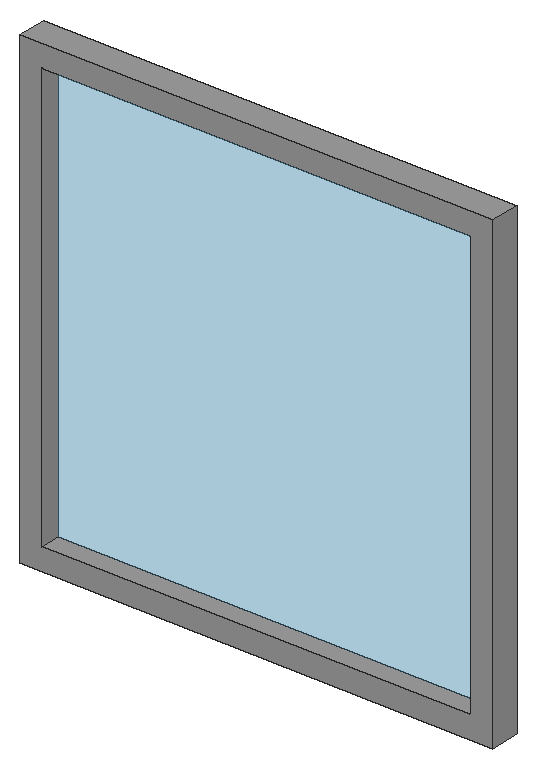
Revit family "ZS-30P OP001-WW_v02", category Curtain Panels, Revit 2015
Parameters
  Width [instance] = 4' - 0"
  URL = "obe.com"
  Type Comments = ""
  Model = "30P OP0001"
  Manufacturer = "Oldcastle BuildingEnvelope®"
  Keynote = "08 51 00"
  Height [instance] = 4' - 0"
  Glass Material = Glass
  Frame Material = Aluminum
  Offset [instance] = 0' - 6"
  Description = "ZERO SIGHTLINE 30P"
  Assembly Code = "B2020"
  Analytic Construction = "<None>"
Reference planes (in)
  plane 1 "Front": y = 0
  plane 2: z = 0
  plane 3 "Center (Left/Right)": x = 0
  plane 4 "Left": x = -24
  plane 5 "Right": x = 24
  plane 6 "Top": z = 48
Text (in)
  text "Exterior" at (-54.29358, 31.38743, 0), in view "Ref. Level"
  text "Exterior" at (480, 41.53993, 89.60405), in view "Right"
  text "Exterior" at (-240, 57.82419, 105.78864), in view "Left"
  text "Min Size\n\n14\" width x 14\" height\n\n\n\nMax Size\n\n72\" x 72\"\n\n\n\nMax Area\n\n24 square feet" at (69.75509, 31.38743, 0), in view "Ref. Level"
Dimensions and locks (in)
  equal spacing: plane 4 "Left", plane 3 "Center (Left/Right)", plane 5 "Right"
  "Width": plane 4 "Left" to plane 5 "Right"
  "Height": plane 6 "Top" to plane 2
  aligned and locked: level to plane 2
  aligned and locked: plane 3 "Center (Left/Right)" to nested 1
  aligned and locked: plane 1 "Front" to nested 1
Nested families (in)
  nested 1: "ZS-30P OP001-Panel" at (0, 6, 0), Height <- "Height", Width <- "Width", Offset <- "Offset", Frame Material <- "Frame Material", Glass Material <- "Glass Material", type "ZS-30P-OP001-Panel"
    with built-in parameter 1001301 4' - 0", Offset 0' - 6", built-in parameter 1001300 4' - 0", Glass Material Glass, Frame Material Aluminum
Definition of nested family "ZS-30P OP001-Panel"
  Parameters (values of type "ZS-30P-OP001-Panel")
    Width [instance] = 2' - 0"
    Offset [instance] = 0' - 0"
    Height [instance] = 4' - 0"
    Glass Material [instance] = none
    Frame Material [instance] = none
    Analytic Construction = "<None>"
  Reference planes (in)
    plane 1 "Offset": y = -6
    plane 2: z = 0
    plane 3 "Center (Left/Right)": x = 0
    plane 4: x = 12
    plane 5: x = -12
    plane 6 "Center (Front/Back)": y = -6
    plane 7: z = 48
    plane 8: z = 0.99753
    plane 9: z = 47.00247
    plane 10: x = 10.99768
    plane 11: x = -10.99768
  Forms (in)
    Extrusion 1, solid, material <- "Glass Material", detail levels coarse
      sketch origin (0, 0, 0) x (1, 0, 0) y (0, 1, 0)
        loop
          line (-10.99768, -6) -> (-10.99768, -7) -> (10.99768, -7) -> (10.99768, -6) -> (-10.99768, -6)
      from 0.99753 to 47.00247
    Extrusion 2, solid, material <- "Glass Material", detail levels medium+fine
      sketch origin (0, 0, 0) x (1, 0, 0) y (0, 1, 0)
        loop
          line (-10.99768, -7) -> (10.99768, -7) -> (10.99768, -6.7627) -> (-10.99768, -6.7627) -> (-10.99768, -7)
        loop
          line (10.99768, -6) -> (-10.99768, -6) -> (-10.99768, -6.25) -> (10.99768, -6.25) -> (10.99768, -6)
      from 0.99753 to 47.00247
    Sweep 3, solid, material <- "Frame Material"
      path origin (0, -6, 0) x (1, 0, 0) y (0, 0, 1)
        loop
          line (10.99768, 47.00247) -> (-10.99768, 47.00247) -> (-10.99768, 0.99753) -> (10.99768, 0.99753) -> (10.99768, 47.00247)
      profile origin (0, -6, 47.00247) x (0, 0, -1) y (0, -1, 0)
        loop
          line (0, 0) -> (0, 1) -> (1.25199, 1) -> (1.25199, 2.99976) -> (-0.99753, 2.99976) -> (-0.99753, 0) -> (0, 0)
  Lines and regions (in)
    model lines
      curve 1: line (0, -6, 46) -> (9.75049, -6, 2.24951)
      curve 2: line (0, -6, 46) -> (-9.74569, -6, 2.24951)
  Dimensions and locks (in)
    equal spacing: plane 5, plane 3 "Center (Left/Right)", plane 4
    "Height": plane 7 to plane 2
    "Width": plane 5 to plane 4
    locked: plane 5 to plane 11 at 1.00232
    locked: plane 10 to plane 4 at 1.00232
    locked: plane 7 to plane 9 at 0.99753
    locked: plane 2 to plane 8 at 0.99753
    Extrusion 2 sketch curve to Extrusion 2 sketch curve to Extrusion 2 sketch curve to Extrusion 2 sketch curve to plane 1 "Offset" = 0' - 0.2373" locked, 0' - 0.5127" locked, 0' - 0 1/4" locked, 0' - 0" locked
    Extrusion 1 sketch curve to Extrusion 1 sketch curve to plane 1 "Offset" = 0' - 1" locked, 0' - 0" locked
    equal spacing: plane 4, plane 3 "Center (Left/Right)", plane 5
    "Offset": plane 1 "Offset" to plane 6 "Center (Front/Back)"
    aligned and locked: plane 2 to level
    aligned and locked: nested 1 to plane 2
    aligned and locked: plane 3 "Center (Left/Right)" to nested 2
    aligned and locked: plane 1 "Offset" to nested 2
    aligned and locked: plane 10 to Extrusion 2  (x4)
    aligned and locked: plane 10 to Extrusion 1  (x2)
    aligned and locked: plane 11 to Extrusion 2  (x4)
    aligned and locked: plane 11 to Extrusion 1  (x2)
    aligned and locked: plane 8 to Extrusion 2
    aligned and locked: plane 8 to Extrusion 1
    aligned and locked: Extrusion 1 to plane 9
    aligned and locked: Extrusion 2 to plane 9
    aligned and locked: plane 1 "Offset" to nested 1
    aligned and locked: Sweep 3 sketch curve to plane 11
    aligned and locked: Sweep 3 sketch curve to plane 8
    aligned and locked: Sweep 3 sketch curve to plane 10
    aligned and locked: plane 9 to Sweep 3 sketch curve
  Automatic sketch dimensions
    curve 2 to plane 3 "Center (Left/Right)" = 0' - 0"
    plane 9 to curve 2 = 0' - 1.00247"
    curve 2 to plane 11 = 0' - 1.25199"
    curve 1 to plane 10 = 0' - 1.2472"
    curve 2 to plane 8 = 0' - 1.25199"
    curve 1 to plane 8 = 0' - 1.25199"
    Extrusion 1 sketch curve to plane 11 = 0' - 0"
    Extrusion 1 sketch curve to plane 10 = 0' - 0"
    Extrusion 2 sketch curve to plane 11 = 0' - 0"  (x2)
    Extrusion 2 sketch curve to plane 10 = 0' - 0"  (x2)
    Sweep 3 sketch curve to plane 1 "Offset" = 0' - 0"
    profile plane to Sweep 3 sketch curve = 0' - 0.99753"
    Sweep 3 sketch curve to profile plane = 0' - 0"
    plane 1 "Offset" to Sweep 3 sketch curve = 0' - 2.99976"
    Sweep 3 sketch curve to profile plane = 0' - 1.25199"
    plane 1 "Offset" to Sweep 3 sketch curve = 0' - 1"
  Nested families (in)
    nested 1: "ZS-30P-Section_Operable" at (0, -6, 48) x (0, -1, 0) z (1, 0, 0), Height <- "Height", type "ZS-30P-Section_Operable"
      with Height 4' - 0"
    nested 2: "ZS-30P-Plan View" at (0, -6, 0), Width <- "Width", type "ZS-30P-Plan View"
      with Width 2' - 0"
  Definition of nested family "ZS-30P-Section_Operable"
    Parameters (values of type "ZS-30P-Section_Operable")
      Height [instance] = 3' - 0"
    Reference planes (in)
      plane 1 "Center (Front/Back)": y = 0
      plane 2: z = 0
      plane 3 "Center (Left/Right)": x = 0
      plane 4: y = 36
      plane 5: y = 35.00247
      plane 6: y = 0.99753
    Lines and regions (in)
      detail lines, in view "Ref. Level"
        curve 1: line (0, 35.00247, 0) -> (0, 0.99753, 0)
        curve 10: line (1, 35.00247, 0) -> (1, 0.99753, 0)
      detail lines, in view "Ref. Level", detail levels fine
        curve 2: line (0.0573, 35.00247, 0) -> (0.0573, 0.99753, 0)
        curve 3: line (0.1173, 35.00247, 0) -> (0.1173, 0.99753, 0)
        curve 4: line (0.1773, 35.00247, 0) -> (0.1773, 0.99753, 0)
        curve 7: line (0.82, 35.00247, 0) -> (0.82, 0.99753, 0)
        curve 8: line (0.88, 35.00247, 0) -> (0.88, 0.99753, 0)
        curve 9: line (0.94, 35.00247, 0) -> (0.94, 0.99753, 0)
      detail lines, in view "Ref. Level", detail levels medium+fine
        curve 5: line (0.2373, 35.00247, 0) -> (0.2373, 0.99753, 0)
        curve 6: line (0.75, 35.00247, 0) -> (0.75, 0.99753, 0)
    Dimensions and locks (in)
      "Height": plane 1 "Center (Front/Back)" to plane 4
      locked: plane 6 to plane 1 "Center (Front/Back)" at 0.99753
      locked: plane 4 to plane 5 at 0.99753
      aligned and locked: plane 3 "Center (Left/Right)" to nested 2
      aligned and locked: plane 1 "Center (Front/Back)" to nested 2
      aligned and locked: nested 1 to plane 4
      aligned and locked: plane 3 "Center (Left/Right)" to nested 1
      aligned and locked: plane 6 to nested 2
      aligned and locked: plane 5 to nested 1
      aligned and locked: nested 1 to curve 1
      aligned and locked: nested 1 to curve 2
      aligned and locked: nested 1 to curve 3
      aligned and locked: nested 1 to curve 4
      aligned and locked: nested 1 to curve 5
      aligned and locked: nested 1 to curve 6
      aligned and locked: nested 1 to curve 7
      aligned and locked: nested 1 to curve 8
      aligned and locked: nested 1 to curve 9
      aligned and locked: curve 10 to nested 1
      aligned and locked: nested 1 to nested 1
      aligned and locked: curve 1 to nested 2
      aligned and locked: nested 2 to curve 2
      aligned and locked: nested 2 to curve 3
      aligned and locked: nested 2 to curve 4
      aligned and locked: nested 2 to curve 5
      aligned and locked: nested 2 to curve 6
      aligned and locked: nested 2 to curve 7
      aligned and locked: nested 2 to curve 8
      aligned and locked: nested 2 to curve 9
      aligned and locked: nested 2 to curve 10
    Automatic sketch dimensions
      curve 1 to plane 3 "Center (Left/Right)" = 0' - 0"
      plane 3 "Center (Left/Right)" to curve 2 = 0' - 0.0573"
      curve 2 to curve 3 = 0' - 0.06"
      curve 3 to curve 4 = 0' - 0.06"
      curve 4 to curve 5 = 0' - 0.06"
      curve 5 to curve 6 = 0' - 0.5127"
      curve 6 to curve 7 = 0' - 0.07"
      curve 7 to curve 8 = 0' - 0.06"
      curve 8 to curve 9 = 0' - 0.06"
      curve 9 to curve 10 = 0' - 0.06"
    Nested families (in)
      nested 1: "ZS-30P-HEAD" at (0, 36, 0), type "ZS-30P-HEAD", in view "Ref. Level"
      nested 2: "ZS-30P-SILL" at (0, 0, 0), type "ZS-30P-SILL", in view "Ref. Level"
    Definition of nested family "ZS-30P-HEAD"
      Reference planes (in)
        plane 1 "Center (Front/Back)": y = 0
        plane 2: z = 0
        plane 3 "Center (Left/Right)": x = 0
      Lines and regions (in)
        detail lines, in view "Ref. Level"
          curve 1: line (0, 0, 0) -> (2.99976, 0, 0)
          curve 2: line (2.99976, 0, 0) -> (2.99976, -2.24951, 0)
          curve 3: line (2.99976, -2.24951, 0) -> (1, -2.24951, 0)
          curve 4: line (1, -2.24951, 0) -> (1, -0.99753, 0)
          curve 5: line (1, -0.99753, 0) -> (0, -0.99753, 0)
          curve 6: line (0, -0.99753, 0) -> (0, 0, 0)
        model lines, in view "Ref. Level", detail levels medium+fine
          curve 7: arc (1.52302, -0.28342, 0) -> (1.55568, -0.31354, 0) -> (1.58545, -0.28057, 0) r 0.03125
          curve 8: arc (1.52302, -0.27976, 0) -> (1.51386, -0.25768, 0) -> (1.49177, -0.24856, 0) r 0.0312
          curve 9: arc (1.42922, -0.24853, 0) -> (1.40715, -0.25767, 0) -> (1.398, -0.27973, 0) r 0.0312
          curve 10: arc (1.398, -0.5939, 0) -> (1.40708, -0.61582, 0) -> (1.429, -0.6249, 0) r 0.031
          curve 11: arc (1.492, -0.6249, 0) -> (1.51392, -0.61582, 0) -> (1.523, -0.5939, 0) r 0.031
          curve 12: arc (1.585, -0.5939, 0) -> (1.554, -0.5629, 0) -> (1.523, -0.5939, 0) r 0.031
          curve 13: arc (1.296, -0.6875, 0) -> (1.31431, -0.73169, 0) -> (1.3585, -0.75, 0) r 0.0625
          curve 14: arc (2.78076, -1.8322, 0) -> (2.76076, -1.8122, 0) -> (2.74076, -1.8322, 0) r 0.02
          curve 15: arc (2.68876, -1.8492, 0) -> (2.71476, -1.8752, 0) -> (2.74076, -1.8492, 0) r 0.026
          curve 16: arc (2.74076, -1.65019, 0) -> (2.71476, -1.62419, 0) -> (2.68876, -1.65019, 0) r 0.026
          curve 17: arc (2.74076, -1.6672, 0) -> (2.76076, -1.6872, 0) -> (2.78076, -1.6672, 0) r 0.02
          curve 18: arc (2.78076, -1.59269, 0) -> (2.77139, -1.57133, 0) -> (2.74977, -1.56255, 0) r 0.031
          curve 19: arc (2.68701, -1.56255, 0) -> (2.66492, -1.57171, 0) -> (2.65576, -1.5938, 0) r 0.03125
          curve 20: arc (1.59421, -1.43478, 0) -> (1.56321, -1.46578, 0) -> (1.59421, -1.49678, 0) r 0.031
          curve 21: arc (1.62521, -1.52778, 0) -> (1.61614, -1.50586, 0) -> (1.59421, -1.49678, 0) r 0.031
          curve 22: arc (1.59421, -1.62178, 0) -> (1.61614, -1.6127, 0) -> (1.62521, -1.59078, 0) r 0.031
          curve 23: arc (1.34166, -1.59058, 0) -> (1.3508, -1.61264, 0) -> (1.37286, -1.62178, 0) r 0.0312
          curve 24: arc (1.37286, -1.49678, 0) -> (1.3508, -1.50592, 0) -> (1.34166, -1.52798, 0) r 0.0312
          curve 25: arc (1.37386, -1.49678, 0) -> (1.40388, -1.4653, 0) -> (1.37288, -1.43478, 0) r 0.03101
          curve 26: arc (1.37288, -1.18523, 0) -> (1.40585, -1.15545, 0) -> (1.37573, -1.1228, 0) r 0.03125
          curve 27: arc (1.34087, -1.09155, 0) -> (1.35, -1.11364, 0) -> (1.37207, -1.1228, 0) r 0.0312
          curve 28: arc (1.37205, -0.99778, 0) -> (1.34998, -1.00692, 0) -> (1.34085, -1.02898, 0) r 0.0312
          curve 29: arc (1.62521, -1.02878, 0) -> (1.61614, -1.00686, 0) -> (1.59421, -0.99778, 0) r 0.031
          curve 30: arc (1.59421, -1.12278, 0) -> (1.61614, -1.1137, 0) -> (1.62521, -1.09178, 0) r 0.031
          curve 31: arc (1.59421, -1.12278, 0) -> (1.56321, -1.15378, 0) -> (1.59421, -1.18478, 0) r 0.031
          curve 32: arc (1.71993, -0.93503, 0) -> (1.70162, -0.89084, 0) -> (1.65743, -0.87253, 0) r 0.0625
          curve 33: arc (1.20576, -0.64253, 0) -> (1.18576, -0.62253, 0) -> (1.16576, -0.64253, 0) r 0.02
          curve 34: arc (1.11376, -0.65853, 0) -> (1.13976, -0.68453, 0) -> (1.16576, -0.65853, 0) r 0.026
          curve 35: arc (1.16576, -0.46053, 0) -> (1.13976, -0.43453, 0) -> (1.11376, -0.46053, 0) r 0.026
          curve 36: arc (1.16576, -0.47753, 0) -> (1.18576, -0.49753, 0) -> (1.20576, -0.47753, 0) r 0.02
          curve 37: arc (1.20576, -0.40353, 0) -> (1.19668, -0.38161, 0) -> (1.17476, -0.37253, 0) r 0.031
          curve 38: arc (1.03076, -0.37253, 0) -> (1.00884, -0.38161, 0) -> (0.99976, -0.40353, 0) r 0.031
          curve 39: arc (1.08076, -0.87258, 0) -> (1.04415, -0.78419, 0) -> (0.95577, -0.74758, 0) r 0.125
          curve 40: arc (2.87499, -1.9375, 0) -> (2.89329, -1.98169, 0) -> (2.93749, -2, 0) r 0.0625
          curve 41: arc (1.897, -0.5939, 0) -> (1.866, -0.5629, 0) -> (1.835, -0.5939, 0) r 0.031
          curve 42: arc (1.897, -0.5939, 0) -> (1.90608, -0.61582, 0) -> (1.928, -0.6249, 0) r 0.031
          curve 43: arc (1.992, -0.6249, 0) -> (2.01392, -0.61582, 0) -> (2.023, -0.5939, 0) r 0.031
          curve 44: arc (2.023, -0.28055, 0) -> (2.01386, -0.25849, 0) -> (1.9918, -0.24935, 0) r 0.0312
          curve 45: arc (1.9282, -0.24935, 0) -> (1.90614, -0.25849, 0) -> (1.897, -0.28055, 0) r 0.0312
          curve 46: arc (1.835, -0.28057, 0) -> (1.86552, -0.31157, 0) -> (1.897, -0.28155, 0) r 0.03101
          curve 47: line (1.48552, -0.24856, 0) -> (1.43049, -0.24856, 0)
          curve 48: line (1.398, -0.28057, 0) -> (1.398, -0.31157, 0)
          curve 49: line (1.398, -0.31157, 0) -> (1.421, -0.33457, 0)
          curve 50: line (1.421, -0.33457, 0) -> (1.398, -0.35757, 0)
          curve 51: line (1.398, -0.35757, 0) -> (1.421, -0.38057, 0)
          curve 52: line (1.421, -0.38057, 0) -> (1.398, -0.40357, 0)
          curve 53: line (1.398, -0.40357, 0) -> (1.421, -0.42657, 0)
          curve 54: line (1.421, -0.42657, 0) -> (1.398, -0.44957, 0)
          curve 55: line (1.398, -0.44957, 0) -> (1.421, -0.47257, 0)
          curve 56: line (1.421, -0.47257, 0) -> (1.398, -0.49557, 0)
          curve 57: line (1.398, -0.49557, 0) -> (1.421, -0.51857, 0)
          curve 58: line (1.421, -0.51857, 0) -> (1.398, -0.54157, 0)
          curve 59: line (1.398, -0.54157, 0) -> (1.421, -0.56457, 0)
          curve 60: line (1.421, -0.56457, 0) -> (1.398, -0.58757, 0)
          curve 61: line (1.398, -0.58757, 0) -> (1.398, -0.5939, 0)
          curve 62: line (1.429, -0.6249, 0) -> (1.492, -0.6249, 0)
          curve 63: line (1.585, -0.5939, 0) -> (1.585, -0.75, 0)
          curve 64: line (1.585, -0.75, 0) -> (1.3585, -0.75, 0)
          curve 65: line (1.296, -0.6875, 0) -> (1.296, -0.25, 0)
          curve 66: line (1.296, -0.25, 0) -> (0.875, -0.25, 0)
          curve 67: line (0.875, -0.25, 0) -> (0.875, -0.125, 0)
          curve 68: line (0.875, -0.125, 0) -> (0, -0.125, 0)
          curve 69: line (0, -0.125, 0) -> (0, 0, 0)
          curve 70: line (0, 0, 0) -> (1, 0, 0)
          curve 71: line (1, 0, 0) -> (1, -0.125, 0)
          curve 72: line (1, -0.125, 0) -> (1.56169, -0.125, 0)
          curve 73: line (1.56169, -0.125, 0) -> (1.58611, -0.14942, 0)
          curve 74: line (1.58611, -0.14942, 0) -> (1.58545, -0.21757, 0)
          curve 75: line (1.58545, -0.21757, 0) -> (1.58545, -0.28057, 0)
          curve 76: line (1.37288, -1.43478, 0) -> (1.34113, -1.43478, 0)
          curve 77: line (1.34113, -1.43478, 0) -> (1.27343, -1.43478, 0)
          curve 78: line (1.27343, -1.43478, 0) -> (1.24976, -1.45844, 0)
          curve 79: line (1.24976, -1.45844, 0) -> (1.24976, -2.24951, 0)
          curve 80: line (1.24976, -2.24951, 0) -> (2.99976, -2.24951, 0)
          curve 81: line (2.99976, -2.24951, 0) -> (2.99976, -2.12451, 0)
          curve 82: line (2.99976, -2.12451, 0) -> (2.78076, -2.12451, 0)
          curve 83: line (2.78076, -2.12451, 0) -> (2.78076, -1.8322, 0)
          curve 84: line (2.74076, -1.8322, 0) -> (2.74076, -1.8492, 0)
          curve 85: line (2.68876, -1.8492, 0) -> (2.68876, -1.65019, 0)
          curve 86: line (2.74076, -1.65019, 0) -> (2.74076, -1.6672, 0)
          curve 87: line (2.78076, -1.6672, 0) -> (2.78076, -1.59269, 0)
          curve 88: line (2.74977, -1.56255, 0) -> (2.68701, -1.56255, 0)
          curve 89: line (2.65576, -1.5938, 0) -> (2.65576, -1.62457, 0)
          curve 90: line (2.65576, -1.62457, 0) -> (1.71993, -1.62457, 0)
          curve 91: line (1.71993, -1.62457, 0) -> (1.71993, -1.43478, 0)
          curve 92: line (1.71993, -1.43478, 0) -> (1.59421, -1.43478, 0)
          curve 93: line (1.62521, -1.52778, 0) -> (1.62521, -1.59078, 0)
          curve 94: line (1.59421, -1.62178, 0) -> (1.57288, -1.62178, 0)
          curve 95: line (1.57288, -1.62178, 0) -> (1.54988, -1.59878, 0)
          curve 96: line (1.54988, -1.59878, 0) -> (1.52688, -1.62178, 0)
          curve 97: line (1.52688, -1.62178, 0) -> (1.50388, -1.59878, 0)
          curve 98: line (1.50388, -1.59878, 0) -> (1.48088, -1.62178, 0)
          curve 99: line (1.48088, -1.62178, 0) -> (1.45788, -1.59878, 0)
          curve 100: line (1.45788, -1.59878, 0) -> (1.43488, -1.62178, 0)
          curve 101: line (1.43488, -1.62178, 0) -> (1.41188, -1.59878, 0)
          curve 102: line (1.41188, -1.59878, 0) -> (1.38888, -1.62178, 0)
          curve 103: line (1.38888, -1.62178, 0) -> (1.37286, -1.62178, 0)
          curve 104: line (1.34166, -1.59058, 0) -> (1.34166, -1.52798, 0)
          curve 105: line (1.34085, -1.02898, 0) -> (1.34085, -1.09155, 0)
          curve 106: line (1.37288, -0.99778, 0) -> (1.38888, -0.99778, 0)
          curve 107: line (1.38888, -0.99778, 0) -> (1.41188, -1.02078, 0)
          curve 108: line (1.41188, -1.02078, 0) -> (1.43488, -0.99778, 0)
          curve 109: line (1.43488, -0.99778, 0) -> (1.45788, -1.02078, 0)
          curve 110: line (1.45788, -1.02078, 0) -> (1.48088, -0.99778, 0)
          curve 111: line (1.48088, -0.99778, 0) -> (1.50388, -1.02078, 0)
          curve 112: line (1.50388, -1.02078, 0) -> (1.52688, -0.99778, 0)
          curve 113: line (1.52688, -0.99778, 0) -> (1.54988, -1.02078, 0)
          curve 114: line (1.54988, -1.02078, 0) -> (1.57288, -0.99778, 0)
          curve 115: line (1.57288, -0.99778, 0) -> (1.59421, -0.99778, 0)
          curve 116: line (1.62521, -1.02878, 0) -> (1.62521, -1.09178, 0)
          curve 117: line (1.59421, -1.18478, 0) -> (1.71993, -1.18478, 0)
          curve 118: line (1.71993, -1.18478, 0) -> (1.71993, -0.93503, 0)
          curve 119: line (1.65743, -0.87253, 0) -> (1.20576, -0.87253, 0)
          curve 120: line (1.20576, -0.87253, 0) -> (1.20576, -0.64253, 0)
          curve 121: line (1.16576, -0.64253, 0) -> (1.16576, -0.65853, 0)
          curve 122: line (1.11376, -0.65853, 0) -> (1.11376, -0.46053, 0)
          curve 123: line (1.16576, -0.46053, 0) -> (1.16576, -0.47753, 0)
          curve 124: line (1.20576, -0.47753, 0) -> (1.20576, -0.40353, 0)
          curve 125: line (1.17476, -0.37253, 0) -> (1.03076, -0.37253, 0)
          curve 126: line (0.99976, -0.40353, 0) -> (0.99976, -0.62253, 0)
          curve 127: line (0.99976, -0.62253, 0) -> (0, -0.62253, 0)
          curve 128: line (0, -0.62253, 0) -> (0, -0.74753, 0)
          curve 129: line (0, -0.74753, 0) -> (0.95577, -0.74753, 0)
          curve 130: line (1.08076, -0.87258, 0) -> (1.08076, -0.99735, 0)
          curve 131: line (1.08076, -0.99735, 0) -> (1.12828, -0.99735, 0)
          curve 132: line (1.12828, -0.99735, 0) -> (1.12828, -1.11954, 0)
          curve 133: line (1.12828, -1.11954, 0) -> (1.24976, -1.11954, 0)
          curve 134: line (1.24976, -1.11954, 0) -> (1.24976, -1.16183, 0)
          curve 135: line (1.24976, -1.16183, 0) -> (1.2734, -1.18547, 0)
          curve 136: line (1.2734, -1.18547, 0) -> (1.34113, -1.18523, 0)
          curve 137: line (1.34113, -1.18523, 0) -> (1.37288, -1.18523, 0)
          curve 138: line (0.75, -2.5014, 0) -> (0.75, -0.99753, 0)
          curve 139: line (0.75, -0.99753, 0) -> (1, -0.99753, 0)
          curve 140: line (1, -0.99753, 0) -> (1, -2.5014, 0)
          curve 141: line (1, -2.5014, 0) -> (1, -0.99753, 0)
          curve 142: line (0, -0.99753, 0) -> (0, -2.5014, 0)
          curve 143: line (0, -2.5014, 0) -> (0, -0.99753, 0)
          curve 144: line (0, -0.99753, 0) -> (0.2373, -0.99753, 0)
          curve 145: line (0.2373, -0.99753, 0) -> (0.2373, -2.5014, 0)
          curve 146: line (1.835, -0.28056, 0) -> (1.835, -0.21757, 0)
          curve 147: line (1.835, -0.21757, 0) -> (1.83559, -0.14812, 0)
          curve 148: line (1.83559, -0.14812, 0) -> (1.8587, -0.125, 0)
          curve 149: line (1.8587, -0.125, 0) -> (2.03099, -0.125, 0)
          curve 150: line (2.03099, -0.125, 0) -> (2.03099, 0, 0)
          curve 151: line (2.03099, 0, 0) -> (2.12474, 0, 0)
          curve 152: line (2.12474, 0, 0) -> (2.12474, -0.125, 0)
          curve 153: line (2.12474, -0.125, 0) -> (2.31199, -0.125, 0)
          curve 154: line (2.31199, -0.125, 0) -> (2.31199, -0.25, 0)
          curve 155: line (2.31199, -0.25, 0) -> (2.12474, -0.25, 0)
          curve 156: line (2.12474, -0.25, 0) -> (2.12474, -0.625, 0)
          curve 157: line (2.12474, -0.625, 0) -> (2.87499, -0.625, 0)
          curve 158: line (2.87499, -0.625, 0) -> (2.87499, -0.25, 0)
          curve 159: line (2.87499, -0.25, 0) -> (2.68749, -0.25, 0)
          curve 160: line (2.68749, -0.25, 0) -> (2.68749, -0.125, 0)
          curve 161: line (2.68749, -0.125, 0) -> (2.87499, -0.125, 0)
          curve 162: line (2.87499, -0.125, 0) -> (2.87499, 0, 0)
          curve 163: line (2.87499, 0, 0) -> (2.99976, 0, 0)
          curve 164: line (2.99999, 0, 0) -> (2.99999, -2, 0)
          curve 165: line (2.99999, -2, 0) -> (2.93749, -2, 0)
          curve 166: line (2.87499, -1.9375, 0) -> (2.87499, -0.75, 0)
          curve 167: line (2.87499, -0.75, 0) -> (1.835, -0.75, 0)
          curve 168: line (1.835, -0.75, 0) -> (1.835, -0.5939, 0)
          curve 169: line (1.928, -0.6249, 0) -> (1.992, -0.6249, 0)
          curve 170: line (2.023, -0.5939, 0) -> (2.023, -0.58757, 0)
          curve 171: line (2.023, -0.58757, 0) -> (2, -0.56457, 0)
          curve 172: line (2, -0.56457, 0) -> (2.023, -0.54157, 0)
          curve 173: line (2.023, -0.54157, 0) -> (2, -0.51857, 0)
          curve 174: line (2, -0.51857, 0) -> (2.023, -0.49557, 0)
          curve 175: line (2.023, -0.49557, 0) -> (2, -0.47257, 0)
          curve 176: line (2, -0.47257, 0) -> (2.023, -0.44957, 0)
          curve 177: line (2.023, -0.44957, 0) -> (2, -0.42657, 0)
          curve 178: line (2, -0.42657, 0) -> (2.023, -0.40357, 0)
          curve 179: line (2.023, -0.40357, 0) -> (2, -0.38057, 0)
          curve 180: line (2, -0.38057, 0) -> (2.023, -0.35757, 0)
          curve 181: line (2.023, -0.35757, 0) -> (2, -0.33457, 0)
          curve 182: line (2, -0.33457, 0) -> (2.023, -0.31157, 0)
          curve 183: line (2.023, -0.31157, 0) -> (2.023, -0.28055, 0)
          curve 184: line (1.9918, -0.24935, 0) -> (1.9282, -0.24935, 0)
          curve 185: line (1.84776, -2.09251, 0) -> (1.81576, -2.12451, 0)
          curve 186: line (1.81576, -2.12451, 0) -> (1.78376, -2.09251, 0)
          curve 187: line (1.78376, -2.09251, 0) -> (1.75176, -2.12451, 0)
          curve 188: line (1.75176, -2.12451, 0) -> (1.71976, -2.09251, 0)
          curve 189: line (1.71976, -2.09251, 0) -> (1.68776, -2.12451, 0)
          curve 190: line (1.68776, -2.12451, 0) -> (1.65576, -2.09251, 0)
          curve 191: line (1.65576, -2.09251, 0) -> (1.62376, -2.12451, 0)
          curve 192: line (1.62376, -2.12451, 0) -> (1.59176, -2.09251, 0)
          curve 193: line (1.59176, -2.09251, 0) -> (1.55976, -2.12451, 0)
          curve 194: line (1.55976, -2.12451, 0) -> (1.52776, -2.09251, 0)
          curve 195: line (1.52776, -2.09251, 0) -> (1.49576, -2.12451, 0)
          curve 196: line (1.49576, -2.12451, 0) -> (1.46376, -2.09251, 0)
          curve 197: line (1.46376, -2.09251, 0) -> (1.43176, -2.12451, 0)
          curve 198: line (1.43176, -2.12451, 0) -> (1.39976, -2.09251, 0)
          curve 199: line (1.39976, -2.09251, 0) -> (1.37476, -2.11751, 0)
          curve 200: line (1.37476, -2.11751, 0) -> (1.37476, -1.75551, 0)
          curve 201: line (1.37476, -1.75551, 0) -> (1.39976, -1.78051, 0)
          curve 202: line (1.39976, -1.78051, 0) -> (1.43176, -1.74851, 0)
          curve 203: line (1.43176, -1.74851, 0) -> (1.46376, -1.78051, 0)
          curve 204: line (1.46376, -1.78051, 0) -> (1.49576, -1.74851, 0)
          curve 205: line (1.49576, -1.74851, 0) -> (1.52776, -1.78051, 0)
          curve 206: line (1.52776, -1.78051, 0) -> (1.55976, -1.74851, 0)
          curve 207: line (1.55976, -1.74851, 0) -> (1.59176, -1.78051, 0)
          curve 208: line (1.59176, -1.78051, 0) -> (1.62376, -1.74851, 0)
          curve 209: line (1.62376, -1.74851, 0) -> (1.65576, -1.78051, 0)
          curve 210: line (1.65576, -1.78051, 0) -> (1.68776, -1.74851, 0)
          curve 211: line (1.68776, -1.74851, 0) -> (1.71976, -1.78051, 0)
          curve 212: line (1.71976, -1.78051, 0) -> (1.75176, -1.74851, 0)
          curve 213: line (1.75176, -1.74851, 0) -> (1.78376, -1.78051, 0)
          curve 214: line (1.78376, -1.78051, 0) -> (1.81576, -1.74851, 0)
          curve 215: line (1.81576, -1.74851, 0) -> (1.84776, -1.78051, 0)
          curve 216: line (1.84776, -1.78051, 0) -> (1.87976, -1.74851, 0)
          curve 217: line (1.87976, -1.74851, 0) -> (1.91176, -1.78051, 0)
          curve 218: line (1.91176, -1.78051, 0) -> (1.94376, -1.74851, 0)
          curve 219: line (1.94376, -1.74851, 0) -> (1.97576, -1.78051, 0)
          curve 220: line (1.97576, -1.78051, 0) -> (2.00776, -1.74851, 0)
          curve 221: line (2.00776, -1.74851, 0) -> (2.03976, -1.78051, 0)
          curve 222: line (2.03976, -1.78051, 0) -> (2.07176, -1.74851, 0)
          curve 223: line (2.07176, -1.74851, 0) -> (2.10376, -1.78051, 0)
          curve 224: line (2.10376, -1.78051, 0) -> (2.13576, -1.74851, 0)
          curve 225: line (2.13576, -1.74851, 0) -> (2.16776, -1.78051, 0)
          curve 226: line (2.16776, -1.78051, 0) -> (2.19976, -1.74851, 0)
          curve 227: line (2.19976, -1.74851, 0) -> (2.23176, -1.78051, 0)
          curve 228: line (2.23176, -1.78051, 0) -> (2.26376, -1.74851, 0)
          curve 229: line (2.26376, -1.74851, 0) -> (2.29576, -1.78051, 0)
          curve 230: line (2.29576, -1.78051, 0) -> (2.32776, -1.74851, 0)
          curve 231: line (2.32776, -1.74851, 0) -> (2.35976, -1.78051, 0)
          curve 232: line (2.35976, -1.78051, 0) -> (2.39176, -1.74851, 0)
          curve 233: line (2.39176, -1.74851, 0) -> (2.42376, -1.78051, 0)
          curve 234: line (2.42376, -1.78051, 0) -> (2.45576, -1.74851, 0)
          curve 235: line (2.45576, -1.74851, 0) -> (2.48776, -1.78051, 0)
          curve 236: line (2.48776, -1.78051, 0) -> (2.51976, -1.74851, 0)
          curve 237: line (2.51976, -1.74851, 0) -> (2.55176, -1.78051, 0)
          curve 238: line (2.55176, -1.78051, 0) -> (2.58376, -1.74851, 0)
          curve 239: line (2.58376, -1.74851, 0) -> (2.61576, -1.78051, 0)
          curve 240: line (2.61576, -1.78051, 0) -> (2.61576, -2.09251, 0)
          curve 241: line (2.61576, -2.09251, 0) -> (2.58376, -2.12451, 0)
          curve 242: line (2.58376, -2.12451, 0) -> (2.55176, -2.09251, 0)
          curve 243: line (2.55176, -2.09251, 0) -> (2.51976, -2.12451, 0)
          curve 244: line (2.51976, -2.12451, 0) -> (2.48776, -2.09251, 0)
          curve 245: line (2.48776, -2.09251, 0) -> (2.45576, -2.12451, 0)
          curve 246: line (2.45576, -2.12451, 0) -> (2.42376, -2.09251, 0)
          curve 247: line (2.42376, -2.09251, 0) -> (2.39176, -2.12451, 0)
          curve 248: line (2.39176, -2.12451, 0) -> (2.35976, -2.09251, 0)
          curve 249: line (2.35976, -2.09251, 0) -> (2.32776, -2.12451, 0)
          curve 250: line (2.32776, -2.12451, 0) -> (2.29576, -2.09251, 0)
          curve 251: line (2.29576, -2.09251, 0) -> (2.26376, -2.12451, 0)
          curve 252: line (2.26376, -2.12451, 0) -> (2.23176, -2.09251, 0)
          curve 253: line (2.23176, -2.09251, 0) -> (2.19976, -2.12451, 0)
          curve 254: line (2.19976, -2.12451, 0) -> (2.16776, -2.09251, 0)
          curve 255: line (2.16776, -2.09251, 0) -> (2.13576, -2.12451, 0)
          curve 256: line (2.13576, -2.12451, 0) -> (2.10376, -2.09251, 0)
          curve 257: line (2.10376, -2.09251, 0) -> (2.07176, -2.12451, 0)
          curve 258: line (2.07176, -2.12451, 0) -> (2.03976, -2.09251, 0)
          curve 259: line (2.03976, -2.09251, 0) -> (2.00776, -2.12451, 0)
          curve 260: line (2.00776, -2.12451, 0) -> (1.97576, -2.09251, 0)
          curve 261: line (1.97576, -2.09251, 0) -> (1.94376, -2.12451, 0)
          curve 262: line (1.94376, -2.12451, 0) -> (1.91176, -2.09251, 0)
          curve 263: line (1.91176, -2.09251, 0) -> (1.87976, -2.12451, 0)
          curve 264: line (1.87976, -2.12451, 0) -> (1.84776, -2.09251, 0)
        model lines, in view "Ref. Level"
          curve 265: line (2.99976, -2.24951, 0) -> (2.99976, 0, 0)
          curve 266: line (2.99976, 0, 0) -> (0, 0, 0)
          curve 267: line (0, 0, 0) -> (0, -0.99753, 0)
          curve 268: line (0, -0.99753, 0) -> (1, -0.99753, 0)
          curve 269: line (1, -0.99753, 0) -> (1, -2.24951, 0)
          curve 270: line (1, -2.24951, 0) -> (2.99976, -2.24951, 0)
        model lines, in view "Ref. Level", detail levels fine
          curve 271: arc (1.71993, -1.18466, 0) -> (1.70287, -1.30972, 0) -> (1.71993, -1.43478, 0) r 0.46695
          curve 272: arc (0, -0.99753, 0) -> (0.02845, -0.87253, 0) -> (0, -0.74753, 0) r 0.28887
          curve 273: arc (0.2373, -0.99753, 0) -> (0.49365, -1.05994, 0) -> (0.75, -0.99753, 0) r 0.5577
          curve 274: arc (0.28, -1.49753, 0) -> (0.26586, -1.49167, 0) -> (0.26, -1.47753, 0) r 0.02
          curve 275: arc (0.26, -1.14253, 0) -> (0.26586, -1.12839, 0) -> (0.28, -1.12253, 0) r 0.02
          curve 276: arc (0.7007, -1.12253, 0) -> (0.71484, -1.12839, 0) -> (0.7207, -1.14253, 0) r 0.02
          curve 277: arc (0.7207, -1.47753, 0) -> (0.71484, -1.49167, 0) -> (0.7007, -1.49753, 0) r 0.02
          curve 278: arc (1.897, -0.5939, 0) -> (1.866, -0.5629, 0) -> (1.835, -0.5939, 0) r 0.031
          curve 279: arc (1.897, -0.5939, 0) -> (1.90608, -0.61582, 0) -> (1.928, -0.6249, 0) r 0.031
          curve 280: arc (1.992, -0.6249, 0) -> (2.01392, -0.61582, 0) -> (2.023, -0.5939, 0) r 0.031
          curve 281: arc (2.023, -0.28055, 0) -> (2.01386, -0.25849, 0) -> (1.9918, -0.24935, 0) r 0.0312
          curve 282: arc (1.9282, -0.24935, 0) -> (1.90614, -0.25849, 0) -> (1.897, -0.28055, 0) r 0.0312
          curve 283: arc (1.835, -0.28057, 0) -> (1.86552, -0.31157, 0) -> (1.897, -0.28155, 0) r 0.03101
          curve 284: arc (1.52302, -0.28342, 0) -> (1.55568, -0.31354, 0) -> (1.58545, -0.28057, 0) r 0.03125
          curve 285: arc (1.52302, -0.27976, 0) -> (1.51386, -0.25768, 0) -> (1.49177, -0.24856, 0) r 0.0312
          curve 286: arc (1.42922, -0.24853, 0) -> (1.40715, -0.25767, 0) -> (1.398, -0.27973, 0) r 0.0312
          curve 287: arc (1.398, -0.5939, 0) -> (1.40708, -0.61582, 0) -> (1.429, -0.6249, 0) r 0.031
          curve 288: arc (1.492, -0.6249, 0) -> (1.51392, -0.61582, 0) -> (1.523, -0.5939, 0) r 0.031
          curve 289: arc (1.585, -0.5939, 0) -> (1.554, -0.5629, 0) -> (1.523, -0.5939, 0) r 0.031
          curve 290: arc (1.835, -0.75, 0) -> (1.71, -0.72786, 0) -> (1.585, -0.75, 0) r 0.36389
          curve 291: arc (2.7498, -1.8017, 0) -> (2.73919, -1.80609, 0) -> (2.7348, -1.8167, 0) r 0.015
          curve 292: arc (2.78538, -1.80789, 0) -> (2.78005, -1.80333, 0) -> (2.77323, -1.8017, 0) r 0.015
          curve 293: arc (2.78538, -1.80789, 0) -> (2.8275, -1.8305, 0) -> (2.87136, -1.81148, 0) r 0.05484
          curve 294: arc (2.87136, -1.81148, 0) -> (2.87405, -1.80691, 0) -> (2.87499, -1.8017, 0) r 0.015
          curve 295: arc (2.87499, -1.6957, 0) -> (2.87405, -1.69048, 0) -> (2.87136, -1.68591, 0) r 0.015
          curve 296: arc (2.87136, -1.68591, 0) -> (2.8275, -1.66689, 0) -> (2.78538, -1.6895, 0) r 0.05484
          curve 297: arc (2.77323, -1.6957, 0) -> (2.78005, -1.69406, 0) -> (2.78538, -1.6895, 0) r 0.015
          curve 298: arc (2.7348, -1.6807, 0) -> (2.73919, -1.6913, 0) -> (2.7498, -1.6957, 0) r 0.015
          curve 299: arc (2.7348, -1.6437, 0) -> (2.73187, -1.63662, 0) -> (2.7248, -1.6337, 0) r 0.01
          curve 300: arc (2.7048, -1.6337, 0) -> (2.69773, -1.63662, 0) -> (2.6948, -1.6437, 0) r 0.01
          curve 301: arc (2.6948, -1.8537, 0) -> (2.69773, -1.86077, 0) -> (2.7048, -1.8637, 0) r 0.01
          curve 302: arc (2.7248, -1.8637, 0) -> (2.73187, -1.86077, 0) -> (2.7348, -1.8537, 0) r 0.01
          curve 303: arc (1.17081, -0.61153, 0) -> (1.16021, -0.61592, 0) -> (1.15581, -0.62653, 0) r 0.015
          curve 304: arc (1.20639, -0.61773, 0) -> (1.20106, -0.61317, 0) -> (1.19425, -0.61153, 0) r 0.015
          curve 305: arc (1.20639, -0.61773, 0) -> (1.24851, -0.64034, 0) -> (1.29237, -0.62131, 0) r 0.05484
          curve 306: arc (1.29237, -0.62131, 0) -> (1.29506, -0.61675, 0) -> (1.296, -0.61153, 0) r 0.015
          curve 307: arc (1.296, -0.50553, 0) -> (1.29506, -0.50031, 0) -> (1.29237, -0.49575, 0) r 0.015
          curve 308: arc (1.29237, -0.49575, 0) -> (1.24851, -0.47672, 0) -> (1.20639, -0.49933, 0) r 0.05484
          curve 309: arc (1.19425, -0.50553, 0) -> (1.20106, -0.50389, 0) -> (1.20639, -0.49933, 0) r 0.015
          curve 310: arc (1.15581, -0.49053, 0) -> (1.16021, -0.50114, 0) -> (1.17081, -0.50553, 0) r 0.015
          curve 311: arc (1.15581, -0.45353, 0) -> (1.15288, -0.44646, 0) -> (1.14581, -0.44353, 0) r 0.01
          curve 312: arc (1.12581, -0.44353, 0) -> (1.11874, -0.44646, 0) -> (1.11581, -0.45353, 0) r 0.01
          curve 313: arc (1.11581, -0.66353, 0) -> (1.11874, -0.6706, 0) -> (1.12581, -0.67353, 0) r 0.01
          curve 314: arc (1.14581, -0.67353, 0) -> (1.15288, -0.6706, 0) -> (1.15581, -0.66353, 0) r 0.01
          curve 315: line (1.24976, -2.24951, 0) -> (1, -2.24951, 0)
          curve 316: line (1.34113, -1.18523, 0) -> (1.34113, -1.43478, 0)
          curve 317: line (0.82, -0.99753, 0) -> (0.82, -2.5014, 0)
          curve 318: line (0.88, -2.5014, 0) -> (0.88, -0.99753, 0)
          curve 319: line (0.94, -0.99753, 0) -> (0.94, -2.5014, 0)
          curve 320: line (0.0573, -0.99753, 0) -> (0.0573, -2.5014, 0)
          curve 321: line (0.1173, -2.5014, 0) -> (0.1173, -0.99753, 0)
          curve 322: line (0.1773, -0.99753, 0) -> (0.1773, -2.5014, 0)
          curve 323: line (0.7007, -1.49753, 0) -> (0.5067, -1.49753, 0)
          curve 324: line (0.5067, -1.49753, 0) -> (0.5067, -1.46153, 0)
          curve 325: line (0.5067, -1.46153, 0) -> (0.6847, -1.46153, 0)
          curve 326: line (0.6847, -1.46153, 0) -> (0.6847, -1.15853, 0)
          curve 327: line (0.6847, -1.15853, 0) -> (0.296, -1.15853, 0)
          curve 328: line (0.296, -1.15853, 0) -> (0.296, -1.46153, 0)
          curve 329: line (0.296, -1.46153, 0) -> (0.474, -1.46153, 0)
          curve 330: line (0.474, -1.46153, 0) -> (0.474, -1.49753, 0)
          curve 331: line (0.474, -1.49753, 0) -> (0.28, -1.49753, 0)
          curve 332: line (0.26, -1.47753, 0) -> (0.26, -1.14253, 0)
          curve 333: line (0.28, -1.12253, 0) -> (0.7007, -1.12253, 0)
          curve 334: line (0.7207, -1.14253, 0) -> (0.7207, -1.47753, 0)
          curve 335: line (1.835, -0.75, 0) -> (1.835, -0.5939, 0)
          curve 336: line (1.928, -0.6249, 0) -> (1.992, -0.6249, 0)
          curve 337: line (2.023, -0.5939, 0) -> (2.023, -0.58757, 0)
          curve 338: line (2.023, -0.58757, 0) -> (2, -0.56457, 0)
          curve 339: line (2, -0.56457, 0) -> (2.023, -0.54157, 0)
          curve 340: line (2.023, -0.54157, 0) -> (2, -0.51857, 0)
          curve 341: line (2, -0.51857, 0) -> (2.023, -0.49557, 0)
          curve 342: line (2.023, -0.49557, 0) -> (2, -0.47257, 0)
          curve 343: line (2, -0.47257, 0) -> (2.023, -0.44957, 0)
          curve 344: line (2.023, -0.44957, 0) -> (2, -0.42657, 0)
          curve 345: line (2, -0.42657, 0) -> (2.023, -0.40357, 0)
          curve 346: line (2.023, -0.40357, 0) -> (2, -0.38057, 0)
          curve 347: line (2, -0.38057, 0) -> (2.023, -0.35757, 0)
          curve 348: line (2.023, -0.35757, 0) -> (2, -0.33457, 0)
          curve 349: line (2, -0.33457, 0) -> (2.023, -0.31157, 0)
          curve 350: line (2.023, -0.31157, 0) -> (2.023, -0.28055, 0)
          curve 351: line (1.9918, -0.24935, 0) -> (1.9282, -0.24935, 0)
          curve 352: line (1.835, -0.28056, 0) -> (1.835, -0.21757, 0)
          curve 353: line (1.835, -0.21757, 0) -> (1.58545, -0.21757, 0)
          curve 354: line (1.58545, -0.21757, 0) -> (1.58545, -0.28057, 0)
          curve 355: line (1.48552, -0.24856, 0) -> (1.43049, -0.24856, 0)
          curve 356: line (1.398, -0.28057, 0) -> (1.398, -0.31157, 0)
          curve 357: line (1.398, -0.31157, 0) -> (1.421, -0.33457, 0)
          curve 358: line (1.421, -0.33457, 0) -> (1.398, -0.35757, 0)
          curve 359: line (1.398, -0.35757, 0) -> (1.421, -0.38057, 0)
          curve 360: line (1.421, -0.38057, 0) -> (1.398, -0.40357, 0)
          curve 361: line (1.398, -0.40357, 0) -> (1.421, -0.42657, 0)
          curve 362: line (1.421, -0.42657, 0) -> (1.398, -0.44957, 0)
          curve 363: line (1.398, -0.44957, 0) -> (1.421, -0.47257, 0)
          curve 364: line (1.421, -0.47257, 0) -> (1.398, -0.49557, 0)
          curve 365: line (1.398, -0.49557, 0) -> (1.421, -0.51857, 0)
          curve 366: line (1.421, -0.51857, 0) -> (1.398, -0.54157, 0)
          curve 367: line (1.398, -0.54157, 0) -> (1.421, -0.56457, 0)
          curve 368: line (1.421, -0.56457, 0) -> (1.398, -0.58757, 0)
          curve 369: line (1.398, -0.58757, 0) -> (1.398, -0.5939, 0)
          curve 370: line (1.429, -0.6249, 0) -> (1.492, -0.6249, 0)
          curve 371: line (1.585, -0.5939, 0) -> (1.585, -0.75, 0)
          curve 372: line (2.7498, -1.8017, 0) -> (2.77323, -1.8017, 0)
          curve 373: line (2.87499, -1.8017, 0) -> (2.87499, -1.6957, 0)
          curve 374: line (2.77323, -1.6957, 0) -> (2.7498, -1.6957, 0)
          curve 375: line (2.7348, -1.6807, 0) -> (2.7348, -1.6437, 0)
          curve 376: line (2.7248, -1.6337, 0) -> (2.7048, -1.6337, 0)
          curve 377: line (2.6948, -1.6437, 0) -> (2.6948, -1.8537, 0)
          curve 378: line (2.7048, -1.8637, 0) -> (2.7248, -1.8637, 0)
          curve 379: line (2.7348, -1.8537, 0) -> (2.7348, -1.8167, 0)
          curve 380: line (1.17081, -0.61153, 0) -> (1.19425, -0.61153, 0)
          curve 381: line (1.296, -0.61153, 0) -> (1.296, -0.50553, 0)
          curve 382: line (1.19425, -0.50553, 0) -> (1.17081, -0.50553, 0)
          curve 383: line (1.15581, -0.49053, 0) -> (1.15581, -0.45353, 0)
          curve 384: line (1.14581, -0.44353, 0) -> (1.12581, -0.44353, 0)
          curve 385: line (1.11581, -0.45353, 0) -> (1.11581, -0.66353, 0)
          curve 386: line (1.12581, -0.67353, 0) -> (1.14581, -0.67353, 0)
          curve 387: line (1.15581, -0.66353, 0) -> (1.15581, -0.62653, 0)
    Definition of nested family "ZS-30P-SILL"
      Reference planes (in)
        plane 1 "Center (Front/Back)": y = 0
        plane 2: z = 0
        plane 3 "Center (Left/Right)": x = 0
      Lines and regions (in)
        detail lines, in view "Ref. Level"
          curve 1: line (0, 0, 0) -> (0, 0.99753, 0)
          curve 2: line (0, 0.99753, 0) -> (1, 0.99753, 0)
          curve 3: line (1, 0.99753, 0) -> (1, 2.24951, 0)
          curve 4: line (1, 2.24951, 0) -> (2.99976, 2.24951, 0)
          curve 5: line (2.99976, 2.24951, 0) -> (2.99976, 0, 0)
          curve 6: line (2.99976, 0, 0) -> (0, 0, 0)
  Definition of nested family "ZS-30P-Plan View"
    Parameters (values of type "ZS-30P-Plan View")
      Width [instance] = 2' - 0"
    Reference planes (in)
      plane 1 "Center (Front/Back)": y = 0
      plane 2: z = 0
      plane 3 "Center (Left/Right)": x = 0
      plane 4: x = 12
      plane 5: x = 11.00247
      plane 6: x = -11.00247
      plane 7: x = -12
    Lines and regions (in)
      detail lines, in view "Ref. Level"
        curve 1: line (-11.00247, 0, 0) -> (11.00247, 0, 0)
        curve 10: line (-11.00247, -1, 0) -> (11.00247, -1, 0)
      detail lines, in view "Ref. Level", detail levels fine
        curve 2: line (-11.00247, -0.06, 0) -> (11.00247, -0.06, 0)
        curve 3: line (-11.00247, -0.12, 0) -> (11.00247, -0.12, 0)
        curve 4: line (-11.00247, -0.18, 0) -> (11.00247, -0.18, 0)
        curve 7: line (-11.00247, -0.8227, 0) -> (11.00247, -0.8227, 0)
        curve 8: line (-11.00247, -0.8827, 0) -> (11.00247, -0.8827, 0)
        curve 9: line (-11.00247, -0.9427, 0) -> (11.00247, -0.9427, 0)
      detail lines, in view "Ref. Level", detail levels medium+fine
        curve 5: line (-11.00247, -0.25, 0) -> (11.00247, -0.25, 0)
        curve 6: line (-11.00247, -0.7627, 0) -> (11.00247, -0.7627, 0)
    Dimensions and locks (in)
      locked: plane 5 to plane 4 at 0.99753
      locked: plane 7 to plane 6 at 0.99753
      equal spacing: plane 7, plane 3 "Center (Left/Right)", plane 4
      "Width": plane 7 to plane 4
      aligned and locked: plane 1 "Center (Front/Back)" to nested 1
      aligned and locked: nested 1 to plane 7
      aligned and locked: plane 1 "Center (Front/Back)" to nested 2
      aligned and locked: nested 2 to plane 4
      aligned and locked: plane 6 to nested 1
      aligned and locked: plane 5 to nested 2
      aligned and locked: nested 2 to curve 1
      aligned and locked: nested 2 to curve 2
      aligned and locked: nested 2 to curve 3
      aligned and locked: nested 2 to curve 4
      aligned and locked: nested 2 to curve 5
      aligned and locked: nested 2 to curve 6
      aligned and locked: nested 2 to curve 7
      aligned and locked: nested 2 to curve 8
      aligned and locked: nested 2 to curve 9
      aligned and locked: curve 10 to nested 2
      aligned and locked: nested 1 to curve 1
      aligned and locked: nested 1 to curve 2
      aligned and locked: nested 1 to curve 3
      aligned and locked: nested 1 to curve 4
      aligned and locked: nested 1 to curve 5
      aligned and locked: nested 1 to curve 6
      aligned and locked: nested 1 to curve 7
      aligned and locked: nested 1 to curve 8
      aligned and locked: nested 1 to curve 9
      aligned and locked: curve 10 to nested 1
    Automatic sketch dimensions
      plane 1 "Center (Front/Back)" to curve 1 = 0' - 0"
      plane 1 "Center (Front/Back)" to curve 2 = 0' - 0.06"
      curve 3 to curve 2 = 0' - 0.06"
      curve 4 to curve 3 = 0' - 0.06"
      curve 5 to curve 4 = 0' - 0.07"
      curve 6 to curve 5 = 0' - 0.5127"
      curve 7 to curve 6 = 0' - 0.06"
      curve 8 to curve 7 = 0' - 0.06"
      curve 9 to curve 8 = 0' - 0.06"
      curve 10 to curve 9 = 0' - 0.0573"
    Nested families (in)
      nested 1: "ZS-30P-JAMB L" at (-12, 0, 0), type "ZS-30P-JAMB L", in view "Ref. Level"
      nested 2: "ZS-30P-JAMB R" at (12, 0, 0), type "ZS-30P-JAMB R", in view "Ref. Level"
    Definition of nested family "ZS-30P-JAMB L"
      Reference planes (in)
        plane 1 "Center (Front/Back)": y = 0
        plane 2: z = 0
        plane 3 "Center (Left/Right)": x = 0
      Lines and regions (in)
        detail lines, in view "Ref. Level"
          curve 1: line (0, 0, 0) -> (0, 2.99976, 0)
          curve 2: line (0, 2.99976, 0) -> (2.24951, 2.99976, 0)
          curve 3: line (2.24951, 2.99976, 0) -> (2.24951, 1, 0)
          curve 4: line (2.24951, 1, 0) -> (0.99753, 1, 0)
          curve 5: line (0.99753, 1, 0) -> (0.99753, 0, 0)
          curve 6: line (0.99753, 0, 0) -> (0, 0, 0)
    Definition of nested family "ZS-30P-JAMB R"
      Reference planes (in)
        plane 1 "Center (Front/Back)": y = 0
        plane 2: z = 0
        plane 3 "Center (Left/Right)": x = 0
      Lines and regions (in)
        detail lines, in view "Ref. Level"
          curve 1: line (0, 0, 0) -> (0, 2.99976, 0)
          curve 2: line (0, 2.99976, 0) -> (-2.24951, 2.99976, 0)
          curve 3: line (-2.24951, 2.99976, 0) -> (-2.24951, 1, 0)
          curve 4: line (-2.24951, 1, 0) -> (-0.99753, 1, 0)
          curve 5: line (-0.99753, 1, 0) -> (-0.99753, 0, 0)
          curve 6: line (-0.99753, 0, 0) -> (0, 0, 0)
